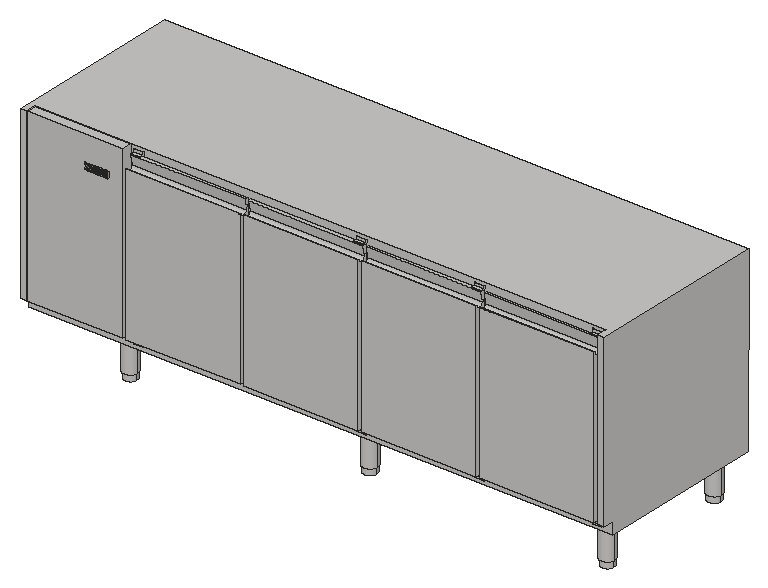
Revit family "QF_ZANUSSI_111052_ZH4H7AAAA", category Specialty Equipment, Revit 2018
Family settings
  Round Connector Dimension = Use Diameter
  Part Type = Normal
  Work Plane-Based = No
  Always vertical = Yes
  Cut with Voids When Loaded = No
  Shared = No
  Room Calculation Point = No
Parameters
  Weight = 0.00 kg
  Watts = 0.0232258 W
  Volts = 220 V
  URL Manufacturer = "http://www.zanussiprofessional.com/"
  URL = "http://www.zanussiprofessional.com/"
  Steam Supply Size = 0 mm
  Steam Supply Minimum Pressure = 0.0 Pa
  Steam Supply Maximum Pressure = 0.0 Pa
  Steam Pounds per Hour = 0
  Show Logo [instance] = yes
  Show Clearance [instance] = yes
  Refrigeration Suction Line Size = 0 mm
  Refrigeration Liquid Line Size = 0 mm
  Refrigerant Compressor Remote = yes
  Manufacturer = "Zanussi"
  Phase = 1
  Model = "ZH4H7AAAA"
  Length Actual = 2249 mm  # constant formula
  Item Number = "111052"
  Hot Water Size = 0 mm
  Height Actual = 850 mm  # constant formula
  HP = "0.3 HP"
  Gas Size = 0 mm
  Gas KW = 0
  Gas Input Pressure = 0 W
  Description = "4 DOORS REFRIG.TABLE 590L-NO TOP"
  Depth Actual = 700 mm  # constant formula
  Cycle = 50 Hz
  Condensate Return Size = 0 mm
  Compressed Air Volume = 0.0 L/s
  Compressed Air Size = 0 mm
  Compressed Air Pressure = 0.0 Pa
  Cold Water Size = 0 mm
  Accessory = yes
Reference planes
  plane 1 "Center X": y = 182.5
  plane 2: z = 0
  plane 3 "Center Y": x = -580.5
  plane 4: y = -62.5
  plane 5: y = 451.5
  plane 6 "BACK": y = 532.5
  plane 7 "FRONT": y = -167.5
  plane 8: x = -1360
  plane 9: x = 478
  plane 10: z = 150
  plane 11 "TOP": z = 900
  plane 12: z = 850
  plane 13 "LEFT": x = -1705
  plane 14 "RIGHT": x = 544
  plane 15: x = -437
Forms (mm)
  Extrusion 1, solid, material "QF_Finishes_Stainless Steel"
    sketch origin (-580.5, 2, 0) x (0, 1, 0) y (0, 0, 1)
      loop
        line (530.5, 150) -> (530.5, 850) -> (-124.5, 850) -> (-124.5, 150) -> (530.5, 150)
    from -1124.5 to 1124.5
  Extrusion 2, solid, material "QF_Finishes_Stainless Steel"
    sketch origin (-1022.223, -1524, 150) x (-1, 0, 0) y (0, -1, 0)
      loop
        line (682.777, -1361.5) -> (657.777, -1361.5) -> (657.777, -1401.5) -> (682.777, -1401.5) -> (682.777, -1361.5)
      loop
        line (-1566.223, -1401.5) -> (-1541.223, -1401.5) -> (-1541.223, -1361.5) -> (-1566.223, -1361.5) -> (-1566.223, -1401.5)
    from 47 to 700
  Extrusion 3, solid, material "QF_Finishes_Stainless Steel"
    sketch origin (0, 0, 900) x (-1, 0, 0) y (0, -1, 0)
      loop
        circle (-57, -94.5) r 8.45
      loop
        circle (851, -94.5) r 8.45
    from -790.577 to -750
  Extrusion 4, solid, material "QF_Finishes_Stainless Steel"
    sketch origin (0, 0, 0) x (1, 0, 0) y (0, 1, 0)
      loop
        circle (-1621, 451.5) r 4
    from 109.423 to 150
Cuts and joins
  joined: Extrusion 1, Extrusion 2
Lines and regions (mm)
  symbolic lines, style "SpecialityEquipmentHiddenLines"
    curve 1: line (-1705, -122.5, 900) -> (544, -122.5, 900)
    curve 2: line (-1304, -162.5, 900) -> (-1304, -122.5, 900)
    curve 3: line (-1705, 532.5, 900) -> (544, 532.5, 900)
    curve 4: line (-1705, 532.5, 900) -> (-1705, -162.5, 900)
    curve 5: line (-1705, -162.5, 900) -> (544, -162.5, 900)
    curve 6: line (544, -162.5, 900) -> (544, 532.5, 900)
Dimensions and locks
  locked: plane 6 "BACK" to plane 7 "FRONT" at 700
  equal spacing: plane 6 "BACK", plane 1 "Center X", plane 7 "FRONT"
  locked: plane 6 "BACK" to plane 5 at 81
  plane 10 to level = 150 mm
  plane 11 "TOP" to plane 12 to plane 10 = 50 mm locked, 700 mm locked
  locked: Extrusion 2 sketch curve to Extrusion 2 sketch curve at 25  (x2)
  locked: plane 4 to plane 7 "FRONT" at 105
  locked: plane 6 "BACK" to Extrusion 3 sketch curve at 438  (x2)
  equal spacing: plane 13 "LEFT", plane 3 "Center Y", plane 14 "RIGHT"
  plane 13 "LEFT" to plane 14 "RIGHT" = 2249 mm
  locked: plane 13 "LEFT" to plane 8 at 345
  plane 15 to plane 9 to plane 14 "RIGHT" = 915 mm locked, 66 mm locked
  Extrusion 3 sketch curve to Extrusion 3 sketch curve to plane 14 "RIGHT" = 908 mm locked, 487 mm locked
  plane 13 "LEFT" to Extrusion 4 sketch curve = 84 mm
  locked: plane 6 "BACK" to Extrusion 4 sketch curve at 81
  locked: plane 10 to Extrusion 4 at 40.577
  aligned and locked: level to plane 2
  aligned and locked: plane 10 to Extrusion 3
  aligned and locked: nested 4 to plane 4
  aligned and locked: nested 1 to plane 4
  aligned and locked: nested 3 to plane 5
  aligned and locked: nested 2 to plane 5
  aligned and locked: plane 8 to nested 1
  aligned and locked: plane 8 to nested 2
  aligned and locked: plane 9 to nested 4
  aligned and locked: plane 9 to nested 3
  aligned and locked: Extrusion 1 to Extrusion 2
  aligned and locked: Extrusion 2 to Extrusion 1
  aligned and locked: Extrusion 2 sketch curve to plane 14 "RIGHT"
  aligned and locked: plane 13 "LEFT" to Extrusion 2 sketch curve
  aligned and locked: cut or joined group of Extrusion 1, Extrusion 2 to plane 10
  aligned and locked: plane 12 to cut or joined group of Extrusion 1, Extrusion 2
  aligned and locked: plane 10 to Extrusion 4
  aligned and locked: plane 15 to nested 11
  aligned and locked: plane 15 to nested 12
Automatic sketch dimensions
  plane 7 "FRONT" to Extrusion 2 sketch curve = 45 mm  (x2)
  plane 7 "FRONT" to Extrusion 2 sketch curve = 5 mm  (x2)
  curve 6 to plane 6 "BACK" = 0 mm
  curve 6 to plane 14 "RIGHT" = 0 mm
  plane 7 "FRONT" to curve 2 = 5 mm
  curve 5 to plane 13 "LEFT" = 0 mm
  plane 8 to curve 2 = 56 mm
  plane 7 "FRONT" to curve 1 = 45 mm
  Extrusion 1 sketch curve to plane 10 = 0 mm
  Extrusion 1 sketch curve to plane 12 = 0 mm
  Extrusion 1 sketch curve to plane 6 "BACK" = 0 mm
  plane 7 "FRONT" to Extrusion 1 sketch curve = 45 mm
  radius of Extrusion 4 sketch curve = 4 mm
  radius of Extrusion 3 sketch curve = 8.45 mm  (x2)
Nested families
  nested 1: "Foot_Ø50_H150" at (-1360, -62.5, 0), type "Foot_Ø50_H150"
  nested 2: "Foot_Ø50_H150" at (-1360, 451.5, 0), type "Foot_Ø50_H150"
  nested 3: "Foot_Ø50_H150" at (478, 451.5, 0), type "Foot_Ø50_H150"
  nested 4: "Foot_Ø50_H150" at (478, -62.5, 0), type "Foot_Ø50_H150"
  nested 5: "Door" at (285, -164.5, 0), Show Clearance <- "Show Clearance", type "Door"
  nested 6: "Door" at (-169, -164.5, 0), Show Clearance <- "Show Clearance", type "Door"
  nested 7: "Refrigerator" at (544, -167.5, 900), type "Refrigerator"
  nested 8: "ZAN_Cooling Unit" at (-1495.5, -164.5, 0), Show Logo <- "Show Logo", type "ZAN_Cooling Unit"
  nested 9: "Door" at (-623, -164.5, 0), Show Clearance <- "Show Clearance", type "Door"
  nested 10: "Door" at (-1077, -164.5, 0) x (-1, 0, 0) z (0, 0, 1), Show Clearance <- "Show Clearance", type "Door"
  nested 11: "Foot_Ø50_H150" at (-437, -62.5, 0), type "Foot_Ø50_H150"
  nested 12: "Foot_Ø50_H150" at (-437, 451.5, 0), type "Foot_Ø50_H150"
Connectors
  electrical at (-1621, 451.5, 109.423), driven by "Volts"
    settings: on Extrusion 4, index 4, voltage 220 V, apparent load 0 VA, apparent load phase1 0 VA, apparent load phase2 0 VA, apparent load phase3 0 VA, power factor 1, load classification "Altro", number of poles 1, system type 30, power factor state 1, is connector primary yes, connector utility no, sub classification motor no, connector description "Electrical Connection"
  piping at (57, 94.5, 109.423), diameter 17
    settings: on Extrusion 3, index 5, connector inside diameter 609.6 mm, connector length 0 mm, flow factor 0, pipe flow 0.0 L/s, pressure drop 0.0 Pa, fitting loss kfactor 0, connector angle 0.00°, fixture units 0, engagement length 0 mm, angle of deflection 0.00°, flow configuration 1, flow direction 2, fitting loss method 0, system type 16, joint type 0, gender type 0, connector reference index -1, connector utility 0, adjustable connector no, is connector primary yes, connector description "Drain"
  piping at (-851, 94.5, 109.423), diameter 17
    settings: on Extrusion 3, index 6, connector inside diameter 609.6 mm, connector length 0 mm, flow factor 0, pipe flow 0.0 L/s, pressure drop 0.0 Pa, fitting loss kfactor 0, connector angle 0.00°, fixture units 0, engagement length 0 mm, angle of deflection 0.00°, flow configuration 1, flow direction 2, fitting loss method 0, system type 16, joint type 0, gender type 0, connector reference index -1, connector utility 0, adjustable connector no, is connector primary no, connector description "Drain"
Definition of nested family "Foot_Ø50_H150"
  Reference planes
    plane 1 "Centro (Fronte/Retro)": y = 0
    plane 2: z = 0
    plane 3 "Centro (Sinistra/Destra)": x = 0
    plane 4: z = 150
  Forms (mm)
    Revolve 1, solid
      sketch origin (255.05, 0, 608.09) x (0, 0, 1) y (-1, 0, 0)
        loop
          line (-608.09, 255.05) -> (-608.09, 230.05) -> (-583.09, 230.05) -> (-583.09, 226.05) -> (-458.09, 226.05) -> (-458.09, 255.05) -> (-608.09, 255.05)
        axis (-608.09, 255.05) -> (-458.09, 255.05)
      angle from 0 to 360
  Dimensions and locks
    locked: Revolve 1 sketch curve to Revolve 1 sketch curve at 125
    aligned and locked: level to plane 2
    aligned and locked: plane 4 to Revolve 1 sketch curve
    aligned and locked: Revolve 1 sketch curve to level
    aligned and locked: plane 3 "Centro (Sinistra/Destra)" to Revolve 1 sketch curve
Definition of nested family "Door"
  Parameters
    Show Clearance [instance] = yes
  Reference planes
    plane 1 "FRONT": y = -3
    plane 2: z = 0
    plane 3 "Centro (Sinistra/Destra)": x = 0
    plane 4: z = 150
    plane 5: z = 850
    plane 6: x = -234
    plane 7: x = 234
    plane 8: x = -220
    plane 9: x = 220
  Forms (mm)
    Extrusion 1, solid
      sketch origin (0, 53, 511) x (0, 0, 1) y (0, -1, 0)
        loop
          line (-323.003, 28.5) -> (-316.501, 28.5) -> (-316.501, 31) -> (-325.503, 31) -> (-325.503, 13.5) -> (-345.503, 13.5) -> (-345.503, 11) -> (-323.003, 11) -> (-323.003, 23.259) -> (-323.003, 28.5)
        loop
          line (-314, 27) -> (-316.501, 27) -> (-316.501, 18.501) -> (-319.752, 18.501) -> (-319.752, 16) -> (-314, 16) -> (-314, 27)
        loop
          line (315.003, 27) -> (315.003, 13.948) -> (315.003, 11) -> (327.503, 11) -> (327.503, 13.5) -> (317.503, 13.5) -> (317.503, 27) -> (315.003, 27)
      from 185 to 220
    Extrusion 2, solid, visible <- "Show Clearance", detail levels coarse
      sketch origin (0, 53, 511) x (0, -1, 0) y (1, 0, 0)
        loop
          line (51, 220) -> (51, -220)
          arc (51, -220) -> (339.234, -79.44) -> (454, 220) r 437.168
          line (454, 220) -> (51, 220)
      from -314 to 314
    Extrusion 3, solid
      sketch origin (0, 55, 511) x (0, 0, 1) y (0, -1, 0)
        loop
          line (314, 18) -> (314, 29) -> (274.395, 22.5)
          arc (274.395, 22.5) -> (260.395, 36.5) -> (274.395, 50.5) r 14
          line (274.395, 50.5) -> (274.395, 53) -> (-314, 53) -> (-314, 18) -> (314, 18)
      from -220 to 220
  Lines and regions (mm)
    symbolic lines
      curve 1: line (220, -3, 0) -> (220, -401, 0)
      curve 2: line (220, -401, 0) -> (185, -401, 0)
      curve 3: line (185, -401, 0) -> (185, -3, 0)
      curve 4: arc (-219.722, -3, 0) -> (-89.51, -275.368, 0) -> (185, -401, 0) r 442.855
  Dimensions and locks
    aligned and locked: level to plane 2
Definition of nested family "ZAN_Cooling Unit"
  Parameters
    Show Logo [instance] = yes
  Reference planes
    plane 1 "FRONT": y = -3
    plane 2: z = 0
    plane 3 "Centro (Sinistra/Destra)": x = 0
    plane 4: z = 150
    plane 5: z = 850
    plane 6: x = -184.5
    plane 7: x = 184.5
  Forms (mm)
    Extrusion 1, solid
      sketch origin (0, 55, 511) x (0, 0, 1) y (0, -1, 0)
        loop
          line (-314, 53) -> (-314, 13) -> (339, 13) -> (339, 53) -> (-314, 53)
      from -184.5 to 184.5
  Lines and regions (mm)
    Split face 1
      outline origin (0, 2, 197) x (0, 0, 1) y (-1, 0, 0)
        loop
          line (566.835, 184.5) -> (566.835, -184.5)
        loop
          line (521.835, 184.5) -> (521.835, -184.5)
    Split face 2
      outline origin (0, 2, 197) x (0, 0, 1) y (-1, 0, 0)
        loop
          arc (510.649, 158.547) -> (506.648, 162.548) -> (502.647, 158.547) r 4.001
          line (502.647, 158.547) -> (502.647, 116.535)
          arc (502.647, 116.535) -> (506.648, 112.533) -> (510.649, 116.535) r 4.001
          line (510.649, 116.535) -> (510.649, 158.547)
    Split face 3
      outline origin (0, 2, 184.996) x (0, 0, 1) y (-1, 0, 0)
        loop
          arc (510.649, 158.547) -> (506.648, 162.548) -> (502.647, 158.547) r 4.001
          line (502.647, 158.547) -> (502.647, 116.535)
          arc (502.647, 116.535) -> (506.648, 112.533) -> (510.649, 116.535) r 4.001
          line (510.649, 116.535) -> (510.649, 158.547)
    Split face 4
      outline origin (0, 2, 172.993) x (0, 0, 1) y (-1, 0, 0)
        loop
          arc (510.649, 158.547) -> (506.648, 162.548) -> (502.647, 158.547) r 4.001
          line (502.647, 158.547) -> (502.647, 116.535)
          arc (502.647, 116.535) -> (506.648, 112.533) -> (510.649, 116.535) r 4.001
          line (510.649, 116.535) -> (510.649, 158.547)
    Split face 5
      outline origin (0, 2, 160.989) x (0, 0, 1) y (-1, 0, 0)
        loop
          arc (510.649, 158.547) -> (506.648, 162.548) -> (502.647, 158.547) r 4.001
          line (502.647, 158.547) -> (502.647, 116.535)
          arc (502.647, 116.535) -> (506.648, 112.533) -> (510.649, 116.535) r 4.001
          line (510.649, 116.535) -> (510.649, 158.547)
    Split face 6
      outline origin (0, 2, 148.986) x (0, 0, 1) y (-1, 0, 0)
        loop
          arc (510.649, 158.547) -> (506.648, 162.548) -> (502.647, 158.547) r 4.001
          line (502.647, 158.547) -> (502.647, 116.535)
          arc (502.647, 116.535) -> (506.648, 112.533) -> (510.649, 116.535) r 4.001
          line (510.649, 116.535) -> (510.649, 158.547)
    Split face 7
      outline origin (0, 2, 136.982) x (0, 0, 1) y (-1, 0, 0)
        loop
          arc (510.649, 158.547) -> (506.648, 162.548) -> (502.647, 158.547) r 4.001
          line (502.647, 158.547) -> (502.647, 116.535)
          arc (502.647, 116.535) -> (506.648, 112.533) -> (510.649, 116.535) r 4.001
          line (510.649, 116.535) -> (510.649, 158.547)
    Split face 8
      outline origin (0, 2, 124.979) x (0, 0, 1) y (-1, 0, 0)
        loop
          arc (510.649, 158.547) -> (506.648, 162.548) -> (502.647, 158.547) r 4.001
          line (502.647, 158.547) -> (502.647, 116.535)
          arc (502.647, 116.535) -> (506.648, 112.533) -> (510.649, 116.535) r 4.001
          line (510.649, 116.535) -> (510.649, 158.547)
    Split face 9
      outline origin (0, 2, 112.975) x (0, 0, 1) y (-1, 0, 0)
        loop
          arc (510.649, 158.547) -> (506.648, 162.548) -> (502.647, 158.547) r 4.001
          line (502.647, 158.547) -> (502.647, 116.535)
          arc (502.647, 116.535) -> (506.648, 112.533) -> (510.649, 116.535) r 4.001
          line (510.649, 116.535) -> (510.649, 158.547)
    Split face 10
      outline origin (0, 2, 100.972) x (0, 0, 1) y (-1, 0, 0)
        loop
          arc (510.649, 158.547) -> (506.648, 162.548) -> (502.647, 158.547) r 4.001
          line (502.647, 158.547) -> (502.647, 116.535)
          arc (502.647, 116.535) -> (506.648, 112.533) -> (510.649, 116.535) r 4.001
          line (510.649, 116.535) -> (510.649, 158.547)
    Split face 11
      outline origin (0, 2, 88.968) x (0, 0, 1) y (-1, 0, 0)
        loop
          arc (510.649, 158.547) -> (506.648, 162.548) -> (502.647, 158.547) r 4.001
          line (502.647, 158.547) -> (502.647, 116.535)
          arc (502.647, 116.535) -> (506.648, 112.533) -> (510.649, 116.535) r 4.001
          line (510.649, 116.535) -> (510.649, 158.547)
    Split face 12
      outline origin (0, 2, 76.965) x (0, 0, 1) y (-1, 0, 0)
        loop
          arc (510.649, 158.547) -> (506.648, 162.548) -> (502.647, 158.547) r 4.001
          line (502.647, 158.547) -> (502.647, 116.535)
          arc (502.647, 116.535) -> (506.648, 112.533) -> (510.649, 116.535) r 4.001
          line (510.649, 116.535) -> (510.649, 158.547)
    Split face 13
      outline origin (0, 2, 64.961) x (0, 0, 1) y (-1, 0, 0)
        loop
          arc (510.649, 158.547) -> (506.648, 162.548) -> (502.647, 158.547) r 4.001
          line (502.647, 158.547) -> (502.647, 116.535)
          arc (502.647, 116.535) -> (506.648, 112.533) -> (510.649, 116.535) r 4.001
          line (510.649, 116.535) -> (510.649, 158.547)
    Split face 14
      outline origin (0, 2, 52.958) x (0, 0, 1) y (-1, 0, 0)
        loop
          arc (510.649, 158.547) -> (506.648, 162.548) -> (502.647, 158.547) r 4.001
          line (502.647, 158.547) -> (502.647, 116.535)
          arc (502.647, 116.535) -> (506.648, 112.533) -> (510.649, 116.535) r 4.001
          line (510.649, 116.535) -> (510.649, 158.547)
    Split face 15
      outline origin (0, 2, 40.954) x (0, 0, 1) y (-1, 0, 0)
        loop
          arc (510.649, 158.547) -> (506.648, 162.548) -> (502.647, 158.547) r 4.001
          line (502.647, 158.547) -> (502.647, 116.535)
          arc (502.647, 116.535) -> (506.648, 112.533) -> (510.649, 116.535) r 4.001
          line (510.649, 116.535) -> (510.649, 158.547)
    Split face 16
      outline origin (0, 2, 28.951) x (0, 0, 1) y (-1, 0, 0)
        loop
          arc (510.649, 158.547) -> (506.648, 162.548) -> (502.647, 158.547) r 4.001
          line (502.647, 158.547) -> (502.647, 116.535)
          arc (502.647, 116.535) -> (506.648, 112.533) -> (510.649, 116.535) r 4.001
          line (510.649, 116.535) -> (510.649, 158.547)
    Split face 17
      outline origin (0, 2, 16.947) x (0, 0, 1) y (-1, 0, 0)
        loop
          arc (510.649, 158.547) -> (506.648, 162.548) -> (502.647, 158.547) r 4.001
          line (502.647, 158.547) -> (502.647, 116.535)
          arc (502.647, 116.535) -> (506.648, 112.533) -> (510.649, 116.535) r 4.001
          line (510.649, 116.535) -> (510.649, 158.547)
    Split face 18
      outline origin (55.016, 2, 197) x (0, 0, 1) y (-1, 0, 0)
        loop
          arc (510.649, 158.547) -> (506.648, 162.548) -> (502.647, 158.547) r 4.001
          line (502.647, 158.547) -> (502.647, 116.535)
          arc (502.647, 116.535) -> (506.648, 112.533) -> (510.649, 116.535) r 4.001
          line (510.649, 116.535) -> (510.649, 158.547)
    Split face 19
      outline origin (55.016, 2, 184.996) x (0, 0, 1) y (-1, 0, 0)
        loop
          arc (510.649, 158.547) -> (506.648, 162.548) -> (502.647, 158.547) r 4.001
          line (502.647, 158.547) -> (502.647, 116.535)
          arc (502.647, 116.535) -> (506.648, 112.533) -> (510.649, 116.535) r 4.001
          line (510.649, 116.535) -> (510.649, 158.547)
    Split face 20
      outline origin (55.016, 2, 172.993) x (0, 0, 1) y (-1, 0, 0)
        loop
          arc (510.649, 158.547) -> (506.648, 162.548) -> (502.647, 158.547) r 4.001
          line (502.647, 158.547) -> (502.647, 116.535)
          arc (502.647, 116.535) -> (506.648, 112.533) -> (510.649, 116.535) r 4.001
          line (510.649, 116.535) -> (510.649, 158.547)
    Split face 21
      outline origin (55.016, 2, 160.989) x (0, 0, 1) y (-1, 0, 0)
        loop
          arc (510.649, 158.547) -> (506.648, 162.548) -> (502.647, 158.547) r 4.001
          line (502.647, 158.547) -> (502.647, 116.535)
          arc (502.647, 116.535) -> (506.648, 112.533) -> (510.649, 116.535) r 4.001
          line (510.649, 116.535) -> (510.649, 158.547)
    Split face 22
      outline origin (55.016, 2, 148.986) x (0, 0, 1) y (-1, 0, 0)
        loop
          arc (510.649, 158.547) -> (506.648, 162.548) -> (502.647, 158.547) r 4.001
          line (502.647, 158.547) -> (502.647, 116.535)
          arc (502.647, 116.535) -> (506.648, 112.533) -> (510.649, 116.535) r 4.001
          line (510.649, 116.535) -> (510.649, 158.547)
    Split face 23
      outline origin (55.016, 2, 136.982) x (0, 0, 1) y (-1, 0, 0)
        loop
          arc (510.649, 158.547) -> (506.648, 162.548) -> (502.647, 158.547) r 4.001
          line (502.647, 158.547) -> (502.647, 116.535)
          arc (502.647, 116.535) -> (506.648, 112.533) -> (510.649, 116.535) r 4.001
          line (510.649, 116.535) -> (510.649, 158.547)
    Split face 24
      outline origin (55.016, 2, 124.979) x (0, 0, 1) y (-1, 0, 0)
        loop
          arc (510.649, 158.547) -> (506.648, 162.548) -> (502.647, 158.547) r 4.001
          line (502.647, 158.547) -> (502.647, 116.535)
          arc (502.647, 116.535) -> (506.648, 112.533) -> (510.649, 116.535) r 4.001
          line (510.649, 116.535) -> (510.649, 158.547)
    Split face 25
      outline origin (55.016, 2, 112.975) x (0, 0, 1) y (-1, 0, 0)
        loop
          arc (510.649, 158.547) -> (506.648, 162.548) -> (502.647, 158.547) r 4.001
          line (502.647, 158.547) -> (502.647, 116.535)
          arc (502.647, 116.535) -> (506.648, 112.533) -> (510.649, 116.535) r 4.001
          line (510.649, 116.535) -> (510.649, 158.547)
    Split face 26
      outline origin (55.016, 2, 100.972) x (0, 0, 1) y (-1, 0, 0)
        loop
          arc (510.649, 158.547) -> (506.648, 162.548) -> (502.647, 158.547) r 4.001
          line (502.647, 158.547) -> (502.647, 116.535)
          arc (502.647, 116.535) -> (506.648, 112.533) -> (510.649, 116.535) r 4.001
          line (510.649, 116.535) -> (510.649, 158.547)
    Split face 27
      outline origin (55.016, 2, 88.968) x (0, 0, 1) y (-1, 0, 0)
        loop
          arc (510.649, 158.547) -> (506.648, 162.548) -> (502.647, 158.547) r 4.001
          line (502.647, 158.547) -> (502.647, 116.535)
          arc (502.647, 116.535) -> (506.648, 112.533) -> (510.649, 116.535) r 4.001
          line (510.649, 116.535) -> (510.649, 158.547)
    Split face 28
      outline origin (55.016, 2, 76.965) x (0, 0, 1) y (-1, 0, 0)
        loop
          arc (510.649, 158.547) -> (506.648, 162.548) -> (502.647, 158.547) r 4.001
          line (502.647, 158.547) -> (502.647, 116.535)
          arc (502.647, 116.535) -> (506.648, 112.533) -> (510.649, 116.535) r 4.001
          line (510.649, 116.535) -> (510.649, 158.547)
    Split face 29
      outline origin (55.016, 2, 64.961) x (0, 0, 1) y (-1, 0, 0)
        loop
          arc (510.649, 158.547) -> (506.648, 162.548) -> (502.647, 158.547) r 4.001
          line (502.647, 158.547) -> (502.647, 116.535)
          arc (502.647, 116.535) -> (506.648, 112.533) -> (510.649, 116.535) r 4.001
          line (510.649, 116.535) -> (510.649, 158.547)
    Split face 30
      outline origin (55.016, 2, 52.958) x (0, 0, 1) y (-1, 0, 0)
        loop
          arc (510.649, 158.547) -> (506.648, 162.548) -> (502.647, 158.547) r 4.001
          line (502.647, 158.547) -> (502.647, 116.535)
          arc (502.647, 116.535) -> (506.648, 112.533) -> (510.649, 116.535) r 4.001
          line (510.649, 116.535) -> (510.649, 158.547)
    Split face 31
      outline origin (55.016, 2, 40.954) x (0, 0, 1) y (-1, 0, 0)
        loop
          arc (510.649, 158.547) -> (506.648, 162.548) -> (502.647, 158.547) r 4.001
          line (502.647, 158.547) -> (502.647, 116.535)
          arc (502.647, 116.535) -> (506.648, 112.533) -> (510.649, 116.535) r 4.001
          line (510.649, 116.535) -> (510.649, 158.547)
    Split face 32
      outline origin (55.016, 2, 28.951) x (0, 0, 1) y (-1, 0, 0)
        loop
          arc (510.649, 158.547) -> (506.648, 162.548) -> (502.647, 158.547) r 4.001
          line (502.647, 158.547) -> (502.647, 116.535)
          arc (502.647, 116.535) -> (506.648, 112.533) -> (510.649, 116.535) r 4.001
          line (510.649, 116.535) -> (510.649, 158.547)
    Split face 33
      outline origin (55.016, 2, 16.947) x (0, 0, 1) y (-1, 0, 0)
        loop
          arc (510.649, 158.547) -> (506.648, 162.548) -> (502.647, 158.547) r 4.001
          line (502.647, 158.547) -> (502.647, 116.535)
          arc (502.647, 116.535) -> (506.648, 112.533) -> (510.649, 116.535) r 4.001
          line (510.649, 116.535) -> (510.649, 158.547)
    Split face 34
      outline origin (110.032, 2, 197) x (0, 0, 1) y (-1, 0, 0)
        loop
          arc (510.649, 158.547) -> (506.648, 162.548) -> (502.647, 158.547) r 4.001
          line (502.647, 158.547) -> (502.647, 116.535)
          arc (502.647, 116.535) -> (506.648, 112.533) -> (510.649, 116.535) r 4.001
          line (510.649, 116.535) -> (510.649, 158.547)
    Split face 35
      outline origin (110.032, 2, 184.996) x (0, 0, 1) y (-1, 0, 0)
        loop
          arc (510.649, 158.547) -> (506.648, 162.548) -> (502.647, 158.547) r 4.001
          line (502.647, 158.547) -> (502.647, 116.535)
          arc (502.647, 116.535) -> (506.648, 112.533) -> (510.649, 116.535) r 4.001
          line (510.649, 116.535) -> (510.649, 158.547)
    Split face 36
      outline origin (110.032, 2, 172.993) x (0, 0, 1) y (-1, 0, 0)
        loop
          arc (510.649, 158.547) -> (506.648, 162.548) -> (502.647, 158.547) r 4.001
          line (502.647, 158.547) -> (502.647, 116.535)
          arc (502.647, 116.535) -> (506.648, 112.533) -> (510.649, 116.535) r 4.001
          line (510.649, 116.535) -> (510.649, 158.547)
    Split face 37
      outline origin (110.032, 2, 160.989) x (0, 0, 1) y (-1, 0, 0)
        loop
          arc (510.649, 158.547) -> (506.648, 162.548) -> (502.647, 158.547) r 4.001
          line (502.647, 158.547) -> (502.647, 116.535)
          arc (502.647, 116.535) -> (506.648, 112.533) -> (510.649, 116.535) r 4.001
          line (510.649, 116.535) -> (510.649, 158.547)
    Split face 38
      outline origin (110.032, 2, 148.986) x (0, 0, 1) y (-1, 0, 0)
        loop
          arc (510.649, 158.547) -> (506.648, 162.548) -> (502.647, 158.547) r 4.001
          line (502.647, 158.547) -> (502.647, 116.535)
          arc (502.647, 116.535) -> (506.648, 112.533) -> (510.649, 116.535) r 4.001
          line (510.649, 116.535) -> (510.649, 158.547)
    Split face 39
      outline origin (110.032, 2, 136.982) x (0, 0, 1) y (-1, 0, 0)
        loop
          arc (510.649, 158.547) -> (506.648, 162.548) -> (502.647, 158.547) r 4.001
          line (502.647, 158.547) -> (502.647, 116.535)
          arc (502.647, 116.535) -> (506.648, 112.533) -> (510.649, 116.535) r 4.001
          line (510.649, 116.535) -> (510.649, 158.547)
    Split face 40
      outline origin (110.032, 2, 124.979) x (0, 0, 1) y (-1, 0, 0)
        loop
          arc (510.649, 158.547) -> (506.648, 162.548) -> (502.647, 158.547) r 4.001
          line (502.647, 158.547) -> (502.647, 116.535)
          arc (502.647, 116.535) -> (506.648, 112.533) -> (510.649, 116.535) r 4.001
          line (510.649, 116.535) -> (510.649, 158.547)
    Split face 41
      outline origin (110.032, 2, 112.975) x (0, 0, 1) y (-1, 0, 0)
        loop
          arc (510.649, 158.547) -> (506.648, 162.548) -> (502.647, 158.547) r 4.001
          line (502.647, 158.547) -> (502.647, 116.535)
          arc (502.647, 116.535) -> (506.648, 112.533) -> (510.649, 116.535) r 4.001
          line (510.649, 116.535) -> (510.649, 158.547)
    Split face 42
      outline origin (110.032, 2, 100.972) x (0, 0, 1) y (-1, 0, 0)
        loop
          arc (510.649, 158.547) -> (506.648, 162.548) -> (502.647, 158.547) r 4.001
          line (502.647, 158.547) -> (502.647, 116.535)
          arc (502.647, 116.535) -> (506.648, 112.533) -> (510.649, 116.535) r 4.001
          line (510.649, 116.535) -> (510.649, 158.547)
    Split face 43
      outline origin (110.032, 2, 88.968) x (0, 0, 1) y (-1, 0, 0)
        loop
          arc (510.649, 158.547) -> (506.648, 162.548) -> (502.647, 158.547) r 4.001
          line (502.647, 158.547) -> (502.647, 116.535)
          arc (502.647, 116.535) -> (506.648, 112.533) -> (510.649, 116.535) r 4.001
          line (510.649, 116.535) -> (510.649, 158.547)
    Split face 44
      outline origin (110.032, 2, 76.965) x (0, 0, 1) y (-1, 0, 0)
        loop
          arc (510.649, 158.547) -> (506.648, 162.548) -> (502.647, 158.547) r 4.001
          line (502.647, 158.547) -> (502.647, 116.535)
          arc (502.647, 116.535) -> (506.648, 112.533) -> (510.649, 116.535) r 4.001
          line (510.649, 116.535) -> (510.649, 158.547)
    Split face 45
      outline origin (110.032, 2, 64.961) x (0, 0, 1) y (-1, 0, 0)
        loop
          arc (510.649, 158.547) -> (506.648, 162.548) -> (502.647, 158.547) r 4.001
          line (502.647, 158.547) -> (502.647, 116.535)
          arc (502.647, 116.535) -> (506.648, 112.533) -> (510.649, 116.535) r 4.001
          line (510.649, 116.535) -> (510.649, 158.547)
    Split face 46
      outline origin (110.032, 2, 52.958) x (0, 0, 1) y (-1, 0, 0)
        loop
          arc (510.649, 158.547) -> (506.648, 162.548) -> (502.647, 158.547) r 4.001
          line (502.647, 158.547) -> (502.647, 116.535)
          arc (502.647, 116.535) -> (506.648, 112.533) -> (510.649, 116.535) r 4.001
          line (510.649, 116.535) -> (510.649, 158.547)
    Split face 47
      outline origin (110.032, 2, 40.954) x (0, 0, 1) y (-1, 0, 0)
        loop
          arc (510.649, 158.547) -> (506.648, 162.548) -> (502.647, 158.547) r 4.001
          line (502.647, 158.547) -> (502.647, 116.535)
          arc (502.647, 116.535) -> (506.648, 112.533) -> (510.649, 116.535) r 4.001
          line (510.649, 116.535) -> (510.649, 158.547)
    Split face 48
      outline origin (110.032, 2, 28.951) x (0, 0, 1) y (-1, 0, 0)
        loop
          arc (510.649, 158.547) -> (506.648, 162.548) -> (502.647, 158.547) r 4.001
          line (502.647, 158.547) -> (502.647, 116.535)
          arc (502.647, 116.535) -> (506.648, 112.533) -> (510.649, 116.535) r 4.001
          line (510.649, 116.535) -> (510.649, 158.547)
    Split face 49
      outline origin (110.032, 2, 16.947) x (0, 0, 1) y (-1, 0, 0)
        loop
          arc (510.649, 158.547) -> (506.648, 162.548) -> (502.647, 158.547) r 4.001
          line (502.647, 158.547) -> (502.647, 116.535)
          arc (502.647, 116.535) -> (506.648, 112.533) -> (510.649, 116.535) r 4.001
          line (510.649, 116.535) -> (510.649, 158.547)
    Split face 50
      outline origin (165.048, 2, 197) x (0, 0, 1) y (-1, 0, 0)
        loop
          arc (510.649, 158.547) -> (506.648, 162.548) -> (502.647, 158.547) r 4.001
          line (502.647, 158.547) -> (502.647, 116.535)
          arc (502.647, 116.535) -> (506.648, 112.533) -> (510.649, 116.535) r 4.001
          line (510.649, 116.535) -> (510.649, 158.547)
    Split face 51
      outline origin (165.048, 2, 184.996) x (0, 0, 1) y (-1, 0, 0)
        loop
          arc (510.649, 158.547) -> (506.648, 162.548) -> (502.647, 158.547) r 4.001
          line (502.647, 158.547) -> (502.647, 116.535)
          arc (502.647, 116.535) -> (506.648, 112.533) -> (510.649, 116.535) r 4.001
          line (510.649, 116.535) -> (510.649, 158.547)
    Split face 52
      outline origin (165.048, 2, 172.993) x (0, 0, 1) y (-1, 0, 0)
        loop
          arc (510.649, 158.547) -> (506.648, 162.548) -> (502.647, 158.547) r 4.001
          line (502.647, 158.547) -> (502.647, 116.535)
          arc (502.647, 116.535) -> (506.648, 112.533) -> (510.649, 116.535) r 4.001
          line (510.649, 116.535) -> (510.649, 158.547)
    Split face 53
      outline origin (165.048, 2, 160.989) x (0, 0, 1) y (-1, 0, 0)
        loop
          arc (510.649, 158.547) -> (506.648, 162.548) -> (502.647, 158.547) r 4.001
          line (502.647, 158.547) -> (502.647, 116.535)
          arc (502.647, 116.535) -> (506.648, 112.533) -> (510.649, 116.535) r 4.001
          line (510.649, 116.535) -> (510.649, 158.547)
    Split face 54
      outline origin (165.048, 2, 148.986) x (0, 0, 1) y (-1, 0, 0)
        loop
          arc (510.649, 158.547) -> (506.648, 162.548) -> (502.647, 158.547) r 4.001
          line (502.647, 158.547) -> (502.647, 116.535)
          arc (502.647, 116.535) -> (506.648, 112.533) -> (510.649, 116.535) r 4.001
          line (510.649, 116.535) -> (510.649, 158.547)
    Split face 55
      outline origin (165.048, 2, 136.982) x (0, 0, 1) y (-1, 0, 0)
        loop
          arc (510.649, 158.547) -> (506.648, 162.548) -> (502.647, 158.547) r 4.001
          line (502.647, 158.547) -> (502.647, 116.535)
          arc (502.647, 116.535) -> (506.648, 112.533) -> (510.649, 116.535) r 4.001
          line (510.649, 116.535) -> (510.649, 158.547)
    Split face 56
      outline origin (165.048, 2, 124.979) x (0, 0, 1) y (-1, 0, 0)
        loop
          arc (510.649, 158.547) -> (506.648, 162.548) -> (502.647, 158.547) r 4.001
          line (502.647, 158.547) -> (502.647, 116.535)
          arc (502.647, 116.535) -> (506.648, 112.533) -> (510.649, 116.535) r 4.001
          line (510.649, 116.535) -> (510.649, 158.547)
    Split face 57
      outline origin (165.048, 2, 112.975) x (0, 0, 1) y (-1, 0, 0)
        loop
          arc (510.649, 158.547) -> (506.648, 162.548) -> (502.647, 158.547) r 4.001
          line (502.647, 158.547) -> (502.647, 116.535)
          arc (502.647, 116.535) -> (506.648, 112.533) -> (510.649, 116.535) r 4.001
          line (510.649, 116.535) -> (510.649, 158.547)
    Split face 58
      outline origin (165.048, 2, 100.972) x (0, 0, 1) y (-1, 0, 0)
        loop
          arc (510.649, 158.547) -> (506.648, 162.548) -> (502.647, 158.547) r 4.001
          line (502.647, 158.547) -> (502.647, 116.535)
          arc (502.647, 116.535) -> (506.648, 112.533) -> (510.649, 116.535) r 4.001
          line (510.649, 116.535) -> (510.649, 158.547)
    Split face 59
      outline origin (165.048, 2, 88.968) x (0, 0, 1) y (-1, 0, 0)
        loop
          arc (510.649, 158.547) -> (506.648, 162.548) -> (502.647, 158.547) r 4.001
          line (502.647, 158.547) -> (502.647, 116.535)
          arc (502.647, 116.535) -> (506.648, 112.533) -> (510.649, 116.535) r 4.001
          line (510.649, 116.535) -> (510.649, 158.547)
    Split face 60
      outline origin (165.048, 2, 76.965) x (0, 0, 1) y (-1, 0, 0)
        loop
          arc (510.649, 158.547) -> (506.648, 162.548) -> (502.647, 158.547) r 4.001
          line (502.647, 158.547) -> (502.647, 116.535)
          arc (502.647, 116.535) -> (506.648, 112.533) -> (510.649, 116.535) r 4.001
          line (510.649, 116.535) -> (510.649, 158.547)
    Split face 61
      outline origin (165.048, 2, 64.961) x (0, 0, 1) y (-1, 0, 0)
        loop
          arc (510.649, 158.547) -> (506.648, 162.548) -> (502.647, 158.547) r 4.001
          line (502.647, 158.547) -> (502.647, 116.535)
          arc (502.647, 116.535) -> (506.648, 112.533) -> (510.649, 116.535) r 4.001
          line (510.649, 116.535) -> (510.649, 158.547)
    Split face 62
      outline origin (165.048, 2, 52.958) x (0, 0, 1) y (-1, 0, 0)
        loop
          arc (510.649, 158.547) -> (506.648, 162.548) -> (502.647, 158.547) r 4.001
          line (502.647, 158.547) -> (502.647, 116.535)
          arc (502.647, 116.535) -> (506.648, 112.533) -> (510.649, 116.535) r 4.001
          line (510.649, 116.535) -> (510.649, 158.547)
    Split face 63
      outline origin (165.048, 2, 40.954) x (0, 0, 1) y (-1, 0, 0)
        loop
          arc (510.649, 158.547) -> (506.648, 162.548) -> (502.647, 158.547) r 4.001
          line (502.647, 158.547) -> (502.647, 116.535)
          arc (502.647, 116.535) -> (506.648, 112.533) -> (510.649, 116.535) r 4.001
          line (510.649, 116.535) -> (510.649, 158.547)
    Split face 64
      outline origin (165.048, 2, 28.951) x (0, 0, 1) y (-1, 0, 0)
        loop
          arc (510.649, 158.547) -> (506.648, 162.548) -> (502.647, 158.547) r 4.001
          line (502.647, 158.547) -> (502.647, 116.535)
          arc (502.647, 116.535) -> (506.648, 112.533) -> (510.649, 116.535) r 4.001
          line (510.649, 116.535) -> (510.649, 158.547)
    Split face 65
      outline origin (165.048, 2, 16.947) x (0, 0, 1) y (-1, 0, 0)
        loop
          arc (510.649, 158.547) -> (506.648, 162.548) -> (502.647, 158.547) r 4.001
          line (502.647, 158.547) -> (502.647, 116.535)
          arc (502.647, 116.535) -> (506.648, 112.533) -> (510.649, 116.535) r 4.001
          line (510.649, 116.535) -> (510.649, 158.547)
    Split face 66
      outline origin (220.064, 2, 197) x (0, 0, 1) y (-1, 0, 0)
        loop
          arc (510.649, 158.547) -> (506.648, 162.548) -> (502.647, 158.547) r 4.001
          line (502.647, 158.547) -> (502.647, 116.535)
          arc (502.647, 116.535) -> (506.648, 112.533) -> (510.649, 116.535) r 4.001
          line (510.649, 116.535) -> (510.649, 158.547)
    Split face 67
      outline origin (220.064, 2, 184.996) x (0, 0, 1) y (-1, 0, 0)
        loop
          arc (510.649, 158.547) -> (506.648, 162.548) -> (502.647, 158.547) r 4.001
          line (502.647, 158.547) -> (502.647, 116.535)
          arc (502.647, 116.535) -> (506.648, 112.533) -> (510.649, 116.535) r 4.001
          line (510.649, 116.535) -> (510.649, 158.547)
    Split face 68
      outline origin (220.064, 2, 172.993) x (0, 0, 1) y (-1, 0, 0)
        loop
          arc (510.649, 158.547) -> (506.648, 162.548) -> (502.647, 158.547) r 4.001
          line (502.647, 158.547) -> (502.647, 116.535)
          arc (502.647, 116.535) -> (506.648, 112.533) -> (510.649, 116.535) r 4.001
          line (510.649, 116.535) -> (510.649, 158.547)
    Split face 69
      outline origin (220.064, 2, 160.989) x (0, 0, 1) y (-1, 0, 0)
        loop
          arc (510.649, 158.547) -> (506.648, 162.548) -> (502.647, 158.547) r 4.001
          line (502.647, 158.547) -> (502.647, 116.535)
          arc (502.647, 116.535) -> (506.648, 112.533) -> (510.649, 116.535) r 4.001
          line (510.649, 116.535) -> (510.649, 158.547)
    Split face 70
      outline origin (220.064, 2, 148.986) x (0, 0, 1) y (-1, 0, 0)
        loop
          arc (510.649, 158.547) -> (506.648, 162.548) -> (502.647, 158.547) r 4.001
          line (502.647, 158.547) -> (502.647, 116.535)
          arc (502.647, 116.535) -> (506.648, 112.533) -> (510.649, 116.535) r 4.001
          line (510.649, 116.535) -> (510.649, 158.547)
    Split face 71
      outline origin (220.064, 2, 136.982) x (0, 0, 1) y (-1, 0, 0)
        loop
          arc (510.649, 158.547) -> (506.648, 162.548) -> (502.647, 158.547) r 4.001
          line (502.647, 158.547) -> (502.647, 116.535)
          arc (502.647, 116.535) -> (506.648, 112.533) -> (510.649, 116.535) r 4.001
          line (510.649, 116.535) -> (510.649, 158.547)
    Split face 72
      outline origin (220.064, 2, 124.979) x (0, 0, 1) y (-1, 0, 0)
        loop
          arc (510.649, 158.547) -> (506.648, 162.548) -> (502.647, 158.547) r 4.001
          line (502.647, 158.547) -> (502.647, 116.535)
          arc (502.647, 116.535) -> (506.648, 112.533) -> (510.649, 116.535) r 4.001
          line (510.649, 116.535) -> (510.649, 158.547)
    Split face 73
      outline origin (220.064, 2, 112.975) x (0, 0, 1) y (-1, 0, 0)
        loop
          arc (510.649, 158.547) -> (506.648, 162.548) -> (502.647, 158.547) r 4.001
          line (502.647, 158.547) -> (502.647, 116.535)
          arc (502.647, 116.535) -> (506.648, 112.533) -> (510.649, 116.535) r 4.001
          line (510.649, 116.535) -> (510.649, 158.547)
    Split face 74
      outline origin (220.064, 2, 100.972) x (0, 0, 1) y (-1, 0, 0)
        loop
          arc (510.649, 158.547) -> (506.648, 162.548) -> (502.647, 158.547) r 4.001
          line (502.647, 158.547) -> (502.647, 116.535)
          arc (502.647, 116.535) -> (506.648, 112.533) -> (510.649, 116.535) r 4.001
          line (510.649, 116.535) -> (510.649, 158.547)
    Split face 75
      outline origin (220.064, 2, 88.968) x (0, 0, 1) y (-1, 0, 0)
        loop
          arc (510.649, 158.547) -> (506.648, 162.548) -> (502.647, 158.547) r 4.001
          line (502.647, 158.547) -> (502.647, 116.535)
          arc (502.647, 116.535) -> (506.648, 112.533) -> (510.649, 116.535) r 4.001
          line (510.649, 116.535) -> (510.649, 158.547)
    Split face 76
      outline origin (220.064, 2, 76.965) x (0, 0, 1) y (-1, 0, 0)
        loop
          arc (510.649, 158.547) -> (506.648, 162.548) -> (502.647, 158.547) r 4.001
          line (502.647, 158.547) -> (502.647, 116.535)
          arc (502.647, 116.535) -> (506.648, 112.533) -> (510.649, 116.535) r 4.001
          line (510.649, 116.535) -> (510.649, 158.547)
    Split face 77
      outline origin (220.064, 2, 64.961) x (0, 0, 1) y (-1, 0, 0)
        loop
          arc (510.649, 158.547) -> (506.648, 162.548) -> (502.647, 158.547) r 4.001
          line (502.647, 158.547) -> (502.647, 116.535)
          arc (502.647, 116.535) -> (506.648, 112.533) -> (510.649, 116.535) r 4.001
          line (510.649, 116.535) -> (510.649, 158.547)
    Split face 78
      outline origin (220.064, 2, 52.958) x (0, 0, 1) y (-1, 0, 0)
        loop
          arc (510.649, 158.547) -> (506.648, 162.548) -> (502.647, 158.547) r 4.001
          line (502.647, 158.547) -> (502.647, 116.535)
          arc (502.647, 116.535) -> (506.648, 112.533) -> (510.649, 116.535) r 4.001
          line (510.649, 116.535) -> (510.649, 158.547)
    Split face 79
      outline origin (220.064, 2, 40.954) x (0, 0, 1) y (-1, 0, 0)
        loop
          arc (510.649, 158.547) -> (506.648, 162.548) -> (502.647, 158.547) r 4.001
          line (502.647, 158.547) -> (502.647, 116.535)
          arc (502.647, 116.535) -> (506.648, 112.533) -> (510.649, 116.535) r 4.001
          line (510.649, 116.535) -> (510.649, 158.547)
    Split face 80
      outline origin (220.064, 2, 28.951) x (0, 0, 1) y (-1, 0, 0)
        loop
          arc (510.649, 158.547) -> (506.648, 162.548) -> (502.647, 158.547) r 4.001
          line (502.647, 158.547) -> (502.647, 116.535)
          arc (502.647, 116.535) -> (506.648, 112.533) -> (510.649, 116.535) r 4.001
          line (510.649, 116.535) -> (510.649, 158.547)
    Split face 81
      outline origin (220.064, 2, 16.947) x (0, 0, 1) y (-1, 0, 0)
        loop
          arc (510.649, 158.547) -> (506.648, 162.548) -> (502.647, 158.547) r 4.001
          line (502.647, 158.547) -> (502.647, 116.535)
          arc (502.647, 116.535) -> (506.648, 112.533) -> (510.649, 116.535) r 4.001
          line (510.649, 116.535) -> (510.649, 158.547)
    Split face 82
      outline origin (275.081, 2, 197) x (0, 0, 1) y (-1, 0, 0)
        loop
          arc (510.649, 158.547) -> (506.648, 162.548) -> (502.647, 158.547) r 4.001
          line (502.647, 158.547) -> (502.647, 116.535)
          arc (502.647, 116.535) -> (506.648, 112.533) -> (510.649, 116.535) r 4.001
          line (510.649, 116.535) -> (510.649, 158.547)
    Split face 83
      outline origin (275.081, 2, 184.996) x (0, 0, 1) y (-1, 0, 0)
        loop
          arc (510.649, 158.547) -> (506.648, 162.548) -> (502.647, 158.547) r 4.001
          line (502.647, 158.547) -> (502.647, 116.535)
          arc (502.647, 116.535) -> (506.648, 112.533) -> (510.649, 116.535) r 4.001
          line (510.649, 116.535) -> (510.649, 158.547)
    Split face 84
      outline origin (275.081, 2, 172.993) x (0, 0, 1) y (-1, 0, 0)
        loop
          arc (510.649, 158.547) -> (506.648, 162.548) -> (502.647, 158.547) r 4.001
          line (502.647, 158.547) -> (502.647, 116.535)
          arc (502.647, 116.535) -> (506.648, 112.533) -> (510.649, 116.535) r 4.001
          line (510.649, 116.535) -> (510.649, 158.547)
    Split face 85
      outline origin (275.081, 2, 160.989) x (0, 0, 1) y (-1, 0, 0)
        loop
          arc (510.649, 158.547) -> (506.648, 162.548) -> (502.647, 158.547) r 4.001
          line (502.647, 158.547) -> (502.647, 116.535)
          arc (502.647, 116.535) -> (506.648, 112.533) -> (510.649, 116.535) r 4.001
          line (510.649, 116.535) -> (510.649, 158.547)
    Split face 86
      outline origin (275.081, 2, 148.986) x (0, 0, 1) y (-1, 0, 0)
        loop
          arc (510.649, 158.547) -> (506.648, 162.548) -> (502.647, 158.547) r 4.001
          line (502.647, 158.547) -> (502.647, 116.535)
          arc (502.647, 116.535) -> (506.648, 112.533) -> (510.649, 116.535) r 4.001
          line (510.649, 116.535) -> (510.649, 158.547)
    Split face 87
      outline origin (275.081, 2, 136.982) x (0, 0, 1) y (-1, 0, 0)
        loop
          arc (510.649, 158.547) -> (506.648, 162.548) -> (502.647, 158.547) r 4.001
          line (502.647, 158.547) -> (502.647, 116.535)
          arc (502.647, 116.535) -> (506.648, 112.533) -> (510.649, 116.535) r 4.001
          line (510.649, 116.535) -> (510.649, 158.547)
    Split face 88
      outline origin (275.081, 2, 124.979) x (0, 0, 1) y (-1, 0, 0)
        loop
          arc (510.649, 158.547) -> (506.648, 162.548) -> (502.647, 158.547) r 4.001
          line (502.647, 158.547) -> (502.647, 116.535)
          arc (502.647, 116.535) -> (506.648, 112.533) -> (510.649, 116.535) r 4.001
          line (510.649, 116.535) -> (510.649, 158.547)
    Split face 89
      outline origin (275.081, 2, 112.975) x (0, 0, 1) y (-1, 0, 0)
        loop
          arc (510.649, 158.547) -> (506.648, 162.548) -> (502.647, 158.547) r 4.001
          line (502.647, 158.547) -> (502.647, 116.535)
          arc (502.647, 116.535) -> (506.648, 112.533) -> (510.649, 116.535) r 4.001
          line (510.649, 116.535) -> (510.649, 158.547)
    Split face 90
      outline origin (275.081, 2, 100.972) x (0, 0, 1) y (-1, 0, 0)
        loop
          arc (510.649, 158.547) -> (506.648, 162.548) -> (502.647, 158.547) r 4.001
          line (502.647, 158.547) -> (502.647, 116.535)
          arc (502.647, 116.535) -> (506.648, 112.533) -> (510.649, 116.535) r 4.001
          line (510.649, 116.535) -> (510.649, 158.547)
    Split face 91
      outline origin (275.081, 2, 88.968) x (0, 0, 1) y (-1, 0, 0)
        loop
          arc (510.649, 158.547) -> (506.648, 162.548) -> (502.647, 158.547) r 4.001
          line (502.647, 158.547) -> (502.647, 116.535)
          arc (502.647, 116.535) -> (506.648, 112.533) -> (510.649, 116.535) r 4.001
          line (510.649, 116.535) -> (510.649, 158.547)
    Split face 92
      outline origin (275.081, 2, 76.965) x (0, 0, 1) y (-1, 0, 0)
        loop
          arc (510.649, 158.547) -> (506.648, 162.548) -> (502.647, 158.547) r 4.001
          line (502.647, 158.547) -> (502.647, 116.535)
          arc (502.647, 116.535) -> (506.648, 112.533) -> (510.649, 116.535) r 4.001
          line (510.649, 116.535) -> (510.649, 158.547)
    Split face 93
      outline origin (275.081, 2, 64.961) x (0, 0, 1) y (-1, 0, 0)
        loop
          arc (510.649, 158.547) -> (506.648, 162.548) -> (502.647, 158.547) r 4.001
          line (502.647, 158.547) -> (502.647, 116.535)
          arc (502.647, 116.535) -> (506.648, 112.533) -> (510.649, 116.535) r 4.001
          line (510.649, 116.535) -> (510.649, 158.547)
    Split face 94
      outline origin (275.081, 2, 52.958) x (0, 0, 1) y (-1, 0, 0)
        loop
          arc (510.649, 158.547) -> (506.648, 162.548) -> (502.647, 158.547) r 4.001
          line (502.647, 158.547) -> (502.647, 116.535)
          arc (502.647, 116.535) -> (506.648, 112.533) -> (510.649, 116.535) r 4.001
          line (510.649, 116.535) -> (510.649, 158.547)
    Split face 95
      outline origin (275.081, 2, 40.954) x (0, 0, 1) y (-1, 0, 0)
        loop
          arc (510.649, 158.547) -> (506.648, 162.548) -> (502.647, 158.547) r 4.001
          line (502.647, 158.547) -> (502.647, 116.535)
          arc (502.647, 116.535) -> (506.648, 112.533) -> (510.649, 116.535) r 4.001
          line (510.649, 116.535) -> (510.649, 158.547)
    Split face 96
      outline origin (275.081, 2, 28.951) x (0, 0, 1) y (-1, 0, 0)
        loop
          arc (510.649, 158.547) -> (506.648, 162.548) -> (502.647, 158.547) r 4.001
          line (502.647, 158.547) -> (502.647, 116.535)
          arc (502.647, 116.535) -> (506.648, 112.533) -> (510.649, 116.535) r 4.001
          line (510.649, 116.535) -> (510.649, 158.547)
    Split face 97
      outline origin (275.081, 2, 16.947) x (0, 0, 1) y (-1, 0, 0)
        loop
          arc (510.649, 158.547) -> (506.648, 162.548) -> (502.647, 158.547) r 4.001
          line (502.647, 158.547) -> (502.647, 116.535)
          arc (502.647, 116.535) -> (506.648, 112.533) -> (510.649, 116.535) r 4.001
          line (510.649, 116.535) -> (510.649, 158.547)
    Split face 98
      outline origin (0, 2, -113.091) x (0, 0, 1) y (-1, 0, 0)
        loop
          arc (510.649, 158.547) -> (506.648, 162.548) -> (502.647, 158.547) r 4.001
          line (502.647, 158.547) -> (502.647, 116.535)
          arc (502.647, 116.535) -> (506.648, 112.533) -> (510.649, 116.535) r 4.001
          line (510.649, 116.535) -> (510.649, 158.547)
    Split face 99
      outline origin (0, 2, -125.094) x (0, 0, 1) y (-1, 0, 0)
        loop
          arc (510.649, 158.547) -> (506.648, 162.548) -> (502.647, 158.547) r 4.001
          line (502.647, 158.547) -> (502.647, 116.535)
          arc (502.647, 116.535) -> (506.648, 112.533) -> (510.649, 116.535) r 4.001
          line (510.649, 116.535) -> (510.649, 158.547)
    Split face 100
      outline origin (0, 2, -137.098) x (0, 0, 1) y (-1, 0, 0)
        loop
          arc (510.649, 158.547) -> (506.648, 162.548) -> (502.647, 158.547) r 4.001
          line (502.647, 158.547) -> (502.647, 116.535)
          arc (502.647, 116.535) -> (506.648, 112.533) -> (510.649, 116.535) r 4.001
          line (510.649, 116.535) -> (510.649, 158.547)
    Split face 101
      outline origin (0, 2, -149.101) x (0, 0, 1) y (-1, 0, 0)
        loop
          arc (510.649, 158.547) -> (506.648, 162.548) -> (502.647, 158.547) r 4.001
          line (502.647, 158.547) -> (502.647, 116.535)
          arc (502.647, 116.535) -> (506.648, 112.533) -> (510.649, 116.535) r 4.001
          line (510.649, 116.535) -> (510.649, 158.547)
    Split face 102
      outline origin (0, 2, -161.105) x (0, 0, 1) y (-1, 0, 0)
        loop
          arc (510.649, 158.547) -> (506.648, 162.548) -> (502.647, 158.547) r 4.001
          line (502.647, 158.547) -> (502.647, 116.535)
          arc (502.647, 116.535) -> (506.648, 112.533) -> (510.649, 116.535) r 4.001
          line (510.649, 116.535) -> (510.649, 158.547)
    Split face 103
      outline origin (0, 2, -173.108) x (0, 0, 1) y (-1, 0, 0)
        loop
          arc (510.649, 158.547) -> (506.648, 162.548) -> (502.647, 158.547) r 4.001
          line (502.647, 158.547) -> (502.647, 116.535)
          arc (502.647, 116.535) -> (506.648, 112.533) -> (510.649, 116.535) r 4.001
          line (510.649, 116.535) -> (510.649, 158.547)
    Split face 104
      outline origin (0, 2, -185.112) x (0, 0, 1) y (-1, 0, 0)
        loop
          arc (510.649, 158.547) -> (506.648, 162.548) -> (502.647, 158.547) r 4.001
          line (502.647, 158.547) -> (502.647, 116.535)
          arc (502.647, 116.535) -> (506.648, 112.533) -> (510.649, 116.535) r 4.001
          line (510.649, 116.535) -> (510.649, 158.547)
    Split face 105
      outline origin (0, 2, -197.115) x (0, 0, 1) y (-1, 0, 0)
        loop
          arc (510.649, 158.547) -> (506.648, 162.548) -> (502.647, 158.547) r 4.001
          line (502.647, 158.547) -> (502.647, 116.535)
          arc (502.647, 116.535) -> (506.648, 112.533) -> (510.649, 116.535) r 4.001
          line (510.649, 116.535) -> (510.649, 158.547)
    Split face 106
      outline origin (0, 2, -209.119) x (0, 0, 1) y (-1, 0, 0)
        loop
          arc (510.649, 158.547) -> (506.648, 162.548) -> (502.647, 158.547) r 4.001
          line (502.647, 158.547) -> (502.647, 116.535)
          arc (502.647, 116.535) -> (506.648, 112.533) -> (510.649, 116.535) r 4.001
          line (510.649, 116.535) -> (510.649, 158.547)
    Split face 107
      outline origin (0, 2, -221.122) x (0, 0, 1) y (-1, 0, 0)
        loop
          arc (510.649, 158.547) -> (506.648, 162.548) -> (502.647, 158.547) r 4.001
          line (502.647, 158.547) -> (502.647, 116.535)
          arc (502.647, 116.535) -> (506.648, 112.533) -> (510.649, 116.535) r 4.001
          line (510.649, 116.535) -> (510.649, 158.547)
    Split face 108
      outline origin (0, 2, -233.126) x (0, 0, 1) y (-1, 0, 0)
        loop
          arc (510.649, 158.547) -> (506.648, 162.548) -> (502.647, 158.547) r 4.001
          line (502.647, 158.547) -> (502.647, 116.535)
          arc (502.647, 116.535) -> (506.648, 112.533) -> (510.649, 116.535) r 4.001
          line (510.649, 116.535) -> (510.649, 158.547)
    Split face 109
      outline origin (0, 2, -245.129) x (0, 0, 1) y (-1, 0, 0)
        loop
          arc (510.649, 158.547) -> (506.648, 162.548) -> (502.647, 158.547) r 4.001
          line (502.647, 158.547) -> (502.647, 116.535)
          arc (502.647, 116.535) -> (506.648, 112.533) -> (510.649, 116.535) r 4.001
          line (510.649, 116.535) -> (510.649, 158.547)
    Split face 110
      outline origin (0, 2, -257.133) x (0, 0, 1) y (-1, 0, 0)
        loop
          arc (510.649, 158.547) -> (506.648, 162.548) -> (502.647, 158.547) r 4.001
          line (502.647, 158.547) -> (502.647, 116.535)
          arc (502.647, 116.535) -> (506.648, 112.533) -> (510.649, 116.535) r 4.001
          line (510.649, 116.535) -> (510.649, 158.547)
    Split face 111
      outline origin (0, 2, -269.136) x (0, 0, 1) y (-1, 0, 0)
        loop
          arc (510.649, 158.547) -> (506.648, 162.548) -> (502.647, 158.547) r 4.001
          line (502.647, 158.547) -> (502.647, 116.535)
          arc (502.647, 116.535) -> (506.648, 112.533) -> (510.649, 116.535) r 4.001
          line (510.649, 116.535) -> (510.649, 158.547)
    Split face 112
      outline origin (0, 2, -281.14) x (0, 0, 1) y (-1, 0, 0)
        loop
          arc (510.649, 158.547) -> (506.648, 162.548) -> (502.647, 158.547) r 4.001
          line (502.647, 158.547) -> (502.647, 116.535)
          arc (502.647, 116.535) -> (506.648, 112.533) -> (510.649, 116.535) r 4.001
          line (510.649, 116.535) -> (510.649, 158.547)
    Split face 113
      outline origin (0, 2, -293.144) x (0, 0, 1) y (-1, 0, 0)
        loop
          arc (510.649, 158.547) -> (506.648, 162.548) -> (502.647, 158.547) r 4.001
          line (502.647, 158.547) -> (502.647, 116.535)
          arc (502.647, 116.535) -> (506.648, 112.533) -> (510.649, 116.535) r 4.001
          line (510.649, 116.535) -> (510.649, 158.547)
    Split face 114
      outline origin (55.016, 2, -113.091) x (0, 0, 1) y (-1, 0, 0)
        loop
          arc (510.649, 158.547) -> (506.648, 162.548) -> (502.647, 158.547) r 4.001
          line (502.647, 158.547) -> (502.647, 116.535)
          arc (502.647, 116.535) -> (506.648, 112.533) -> (510.649, 116.535) r 4.001
          line (510.649, 116.535) -> (510.649, 158.547)
    Split face 115
      outline origin (55.016, 2, -125.094) x (0, 0, 1) y (-1, 0, 0)
        loop
          arc (510.649, 158.547) -> (506.648, 162.548) -> (502.647, 158.547) r 4.001
          line (502.647, 158.547) -> (502.647, 116.535)
          arc (502.647, 116.535) -> (506.648, 112.533) -> (510.649, 116.535) r 4.001
          line (510.649, 116.535) -> (510.649, 158.547)
    Split face 116
      outline origin (55.016, 2, -137.098) x (0, 0, 1) y (-1, 0, 0)
        loop
          arc (510.649, 158.547) -> (506.648, 162.548) -> (502.647, 158.547) r 4.001
          line (502.647, 158.547) -> (502.647, 116.535)
          arc (502.647, 116.535) -> (506.648, 112.533) -> (510.649, 116.535) r 4.001
          line (510.649, 116.535) -> (510.649, 158.547)
    Split face 117
      outline origin (55.016, 2, -149.101) x (0, 0, 1) y (-1, 0, 0)
        loop
          arc (510.649, 158.547) -> (506.648, 162.548) -> (502.647, 158.547) r 4.001
          line (502.647, 158.547) -> (502.647, 116.535)
          arc (502.647, 116.535) -> (506.648, 112.533) -> (510.649, 116.535) r 4.001
          line (510.649, 116.535) -> (510.649, 158.547)
    Split face 118
      outline origin (55.016, 2, -161.105) x (0, 0, 1) y (-1, 0, 0)
        loop
          arc (510.649, 158.547) -> (506.648, 162.548) -> (502.647, 158.547) r 4.001
          line (502.647, 158.547) -> (502.647, 116.535)
          arc (502.647, 116.535) -> (506.648, 112.533) -> (510.649, 116.535) r 4.001
          line (510.649, 116.535) -> (510.649, 158.547)
    Split face 119
      outline origin (55.016, 2, -173.108) x (0, 0, 1) y (-1, 0, 0)
        loop
          arc (510.649, 158.547) -> (506.648, 162.548) -> (502.647, 158.547) r 4.001
          line (502.647, 158.547) -> (502.647, 116.535)
          arc (502.647, 116.535) -> (506.648, 112.533) -> (510.649, 116.535) r 4.001
          line (510.649, 116.535) -> (510.649, 158.547)
    Split face 120
      outline origin (55.016, 2, -185.112) x (0, 0, 1) y (-1, 0, 0)
        loop
          arc (510.649, 158.547) -> (506.648, 162.548) -> (502.647, 158.547) r 4.001
          line (502.647, 158.547) -> (502.647, 116.535)
          arc (502.647, 116.535) -> (506.648, 112.533) -> (510.649, 116.535) r 4.001
          line (510.649, 116.535) -> (510.649, 158.547)
    Split face 121
      outline origin (55.016, 2, -197.115) x (0, 0, 1) y (-1, 0, 0)
        loop
          arc (510.649, 158.547) -> (506.648, 162.548) -> (502.647, 158.547) r 4.001
          line (502.647, 158.547) -> (502.647, 116.535)
          arc (502.647, 116.535) -> (506.648, 112.533) -> (510.649, 116.535) r 4.001
          line (510.649, 116.535) -> (510.649, 158.547)
    Split face 122
      outline origin (55.016, 2, -209.119) x (0, 0, 1) y (-1, 0, 0)
        loop
          arc (510.649, 158.547) -> (506.648, 162.548) -> (502.647, 158.547) r 4.001
          line (502.647, 158.547) -> (502.647, 116.535)
          arc (502.647, 116.535) -> (506.648, 112.533) -> (510.649, 116.535) r 4.001
          line (510.649, 116.535) -> (510.649, 158.547)
    Split face 123
      outline origin (55.016, 2, -221.122) x (0, 0, 1) y (-1, 0, 0)
        loop
          arc (510.649, 158.547) -> (506.648, 162.548) -> (502.647, 158.547) r 4.001
          line (502.647, 158.547) -> (502.647, 116.535)
          arc (502.647, 116.535) -> (506.648, 112.533) -> (510.649, 116.535) r 4.001
          line (510.649, 116.535) -> (510.649, 158.547)
    Split face 124
      outline origin (55.016, 2, -233.126) x (0, 0, 1) y (-1, 0, 0)
        loop
          arc (510.649, 158.547) -> (506.648, 162.548) -> (502.647, 158.547) r 4.001
          line (502.647, 158.547) -> (502.647, 116.535)
          arc (502.647, 116.535) -> (506.648, 112.533) -> (510.649, 116.535) r 4.001
          line (510.649, 116.535) -> (510.649, 158.547)
    Split face 125
      outline origin (55.016, 2, -245.129) x (0, 0, 1) y (-1, 0, 0)
        loop
          arc (510.649, 158.547) -> (506.648, 162.548) -> (502.647, 158.547) r 4.001
          line (502.647, 158.547) -> (502.647, 116.535)
          arc (502.647, 116.535) -> (506.648, 112.533) -> (510.649, 116.535) r 4.001
          line (510.649, 116.535) -> (510.649, 158.547)
    Split face 126
      outline origin (55.016, 2, -257.133) x (0, 0, 1) y (-1, 0, 0)
        loop
          arc (510.649, 158.547) -> (506.648, 162.548) -> (502.647, 158.547) r 4.001
          line (502.647, 158.547) -> (502.647, 116.535)
          arc (502.647, 116.535) -> (506.648, 112.533) -> (510.649, 116.535) r 4.001
          line (510.649, 116.535) -> (510.649, 158.547)
    Split face 127
      outline origin (55.016, 2, -269.136) x (0, 0, 1) y (-1, 0, 0)
        loop
          arc (510.649, 158.547) -> (506.648, 162.548) -> (502.647, 158.547) r 4.001
          line (502.647, 158.547) -> (502.647, 116.535)
          arc (502.647, 116.535) -> (506.648, 112.533) -> (510.649, 116.535) r 4.001
          line (510.649, 116.535) -> (510.649, 158.547)
    Split face 128
      outline origin (55.016, 2, -281.14) x (0, 0, 1) y (-1, 0, 0)
        loop
          arc (510.649, 158.547) -> (506.648, 162.548) -> (502.647, 158.547) r 4.001
          line (502.647, 158.547) -> (502.647, 116.535)
          arc (502.647, 116.535) -> (506.648, 112.533) -> (510.649, 116.535) r 4.001
          line (510.649, 116.535) -> (510.649, 158.547)
    Split face 129
      outline origin (55.016, 2, -293.144) x (0, 0, 1) y (-1, 0, 0)
        loop
          arc (510.649, 158.547) -> (506.648, 162.548) -> (502.647, 158.547) r 4.001
          line (502.647, 158.547) -> (502.647, 116.535)
          arc (502.647, 116.535) -> (506.648, 112.533) -> (510.649, 116.535) r 4.001
          line (510.649, 116.535) -> (510.649, 158.547)
